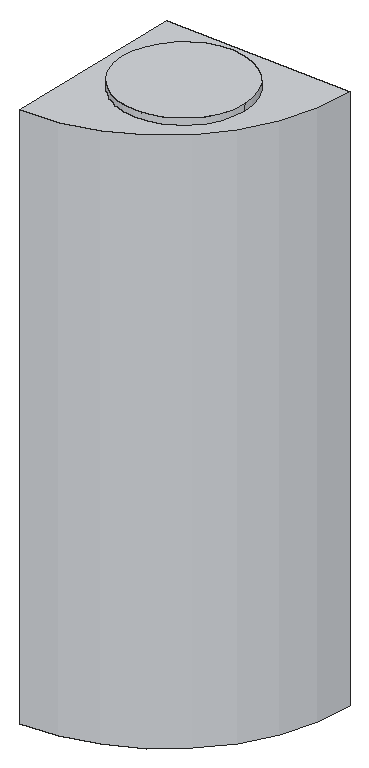
Revit family "Kvartrund diff ventil 200 mm", category Air Terminals, Revit 2015
Reference planes
  plane 1 "Center (Front/Back)": y = 0
  plane 2: z = 0
  plane 3 "Center (Left/Right)": x = 0
Forms (mm)
  Extrusion 1, solid
    sketch origin (0, 0, 0) x (1, 0, 0) y (0, 1, 0)
      loop
        line (0, 0) -> (0, -300)
        arc (0, -300) -> (212.132, -212.132) -> (300, 0) r 300
        line (300, 0) -> (0, 0)
    from 0 to 900
  Extrusion 2, solid
    sketch origin (0, 0, 0) x (1, 0, 0) y (0, 1, 0)
      loop
        circle (125.529, -121.991) r 100
    from 900 to 910
Dimensions and locks
  Extrusion 1 sketch curve to Extrusion 1 sketch curve = 300 mm  (x2)
  radius of Extrusion 1 sketch curve = 300 mm
  aligned and locked: level to plane 2
Connectors
  hvac at (125.529, -121.991, 910)
    settings: on Extrusion 2, index 1, duct flow 180.0 m³/h, flow factor 0, pres drop 0.0 Pa, loss coef 0, conn angle 0.00°, conn width 304.8 mm, conn height 304.8 mm, conn diameter 200 mm, duct sys type 1, conn prof type 0, flow config 0, flow direction 0, loss method 0, conn ref index -1, conn util no, is conn primary yes, conn desc ""
